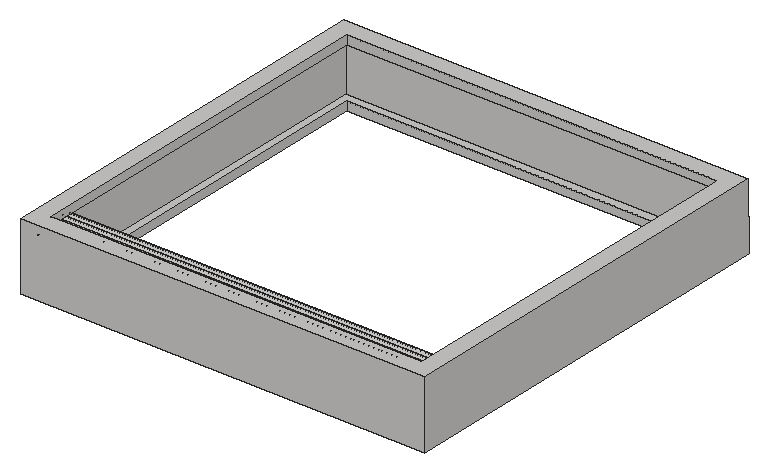
Revit family "Louver_Carnes-Galvanized-Drainable-Stationary-FVBB", category Duct Accessories, host Face, Revit 2012
Parameters (values of type "See Type Catalog")
  ecoScorecard_data = ""
  ecoScorecard Product Page = "http://ecoscorecard.com/"
  Width = 24"
  Warranty URL = "http://www.carnes.com/GeneralCatalogs/termcond.pdf"
  URL = "http://www.carnes.com/index.html"
  Subcategory = "Louvers and Dampers"  # constant formula
  Spec Sheet URL = "http://www.carnes.com/Louvers/pdf/17149.pdf"
  Product Page URL = "http://www.carnes.com/Louvers/FVBB-FWBB.htm"
  Product Line = "Galvanized Steel Stationary Drainable Blade Louver"  # constant formula
  Offset = 1"
  Model = "FVBB"  # constant formula
  Minimum Size = "8\"W x 12\"H"
  Maximum Vertical Size = "72\"W x 96\"H"
  Maximum System Velocity = 1056 FPM  # constant formula
  Maximum System Pressure = 0.70 in-wg  # constant formula
  Maximum Size Note = "Larger Sizes made in multiple sections"  # constant formula
  Maximum Horinzontal Size = "72\"W x 96\"H"
  Manufacturer Phone = "608-845-6411"  # constant formula
  Manufacturer Fax = "608-845-6470"  # constant formula
  Manufacturer Email = "mailto:carnes@carnes.com"
  Manufacturer Address = "448 S. Main St., P. O. Box 930040, Verona, WI 53593-0040"  # constant formula
  Manufacturer = "CARNES COMPANY"  # constant formula
  Installation and Maintenance URL = ""
  Height = 24"
  Free Area = ""
  Frame Material = Metal - Carnes - Steel - Galvanized
  Fire Closure Device = ""
  Duct Connector 2 = "Duct Connection 2"  # constant formula
  Duct Connector 1 = "Duct Connection 1"  # constant formula
  Description = "Galvanized Steel Stationary Drainable Blade Louver"  # constant formula
  Depth = 4"  # constant formula
  Default Elevation = 0"
  Cost Info = "mailto:carnes@carnes.com"
  Catalog URL = "http://www.carnes.com/Louvers/pdf/f40-41.pdf"
  Blades Length = Actual Width - 1"  # 23"
  Blade Material = Metal - Carnes - Steel - Galvanized
  Assembly Code = "B2010300"
  Actual Width = if(Width < 6", 6", if(Width > 72", 72", Width))  # 24"
  Actual Height = if(Height < 6", 6", if(Height > 72", 72", Height))  # 24"
  95 CSI = "10200"  # constant formula
  04 CSI = "08 91 00"  # constant formula
Reference planes (in)
  plane 1 "Center (Front/Back)": y = 0
  plane 2: z = 0
  plane 3 "Center (Left/Right)": x = 0
  plane 4: x = -12
  plane 5: x = 12
  plane 6: y = 12
  plane 7: y = -12
  plane 8: y = -10.9375
  plane 9: x = -11.20993
  plane 10: x = 11.20993
  plane 11: z = -1.5
  plane 12: y = -11.47734
  plane 13: x = 10.20993
  plane 14: z = -3.375
  plane 15: z = -1
  plane 16: y = -9.48917
  plane 17: z = 0.09375
  plane 18: z = 3.5
  plane 19: z = -2.09375
  plane 20: z = -5.5
Forms (in)
  Extrusion 1, void
    sketch origin (0, 0, 0) x (1, 0, 0) y (0, 1, 0)
      loop
        line (12, -12) -> (12, 12) -> (-12, 12) -> (-12, -12) -> (12, -12)
    from 0 to -32.56442
  Sweep 2, solid, material "Metal - Carnes - Steel - Galvanized" <- "Frame Material", detail levels medium+fine
    path origin (0, -21.84066, -1) x (-1, 0, 0) y (0, -1, 0)
      loop
        line (12, -33.84066) -> (12, -9.84066) -> (-12, -9.84066) -> (-12, -33.84066) -> (12, -33.84066)
    profile "Profile : Profile" origin (0, 12, -1) x (0, 1, 0) y (0, 0, 1)
      loop
        line (0, 2) -> (-1, 2) -> (-1, 1.5) -> (-0.5, 1.5) -> (-0.5, -1.5) -> (-1, -1.5) -> (-1, -2) -> (0, -2) -> (0, 2)
  Sweep 3, solid, material "Metal - Carnes - Steel - Galvanized" <- "Frame Material", detail levels coarse
    path origin (0, -21.84066, -1) x (-1, 0, 0) y (0, -1, 0)
      loop
        line (0, -9.84066) -> (0, -33.84066)
    profile origin (0, 0, -1) x (-1, 0, 0) y (0, 0, 1)
      loop
        line (-12, 2) -> (-12, -2) -> (12, -2) -> (12, 2) -> (-12, 2)
Lines and regions (in)
  symbolic lines, style "Damper"
    curve 1: line (12, 12, -1) -> (12, -12, -1)
    curve 2: line (-12, 12, -1) -> (12, 12, -1)
    curve 3: line (-12, -12, -1) -> (-12, 12, -1)
    curve 4: line (12, -12, -1) -> (-12, -12, -1)
  symbolic lines, style "Damper", detail levels medium+fine
    curve 5: line (11, 11, -1) -> (-11, 11, -1)
    curve 6: line (-11, 11, -1) -> (-11, -11, -1)
    curve 7: line (-11, -11, -1) -> (11, -11, -1)
    curve 8: line (11, -11, -1) -> (11, 11, -1)
Dimensions and locks (in)
  equal spacing: plane 7, plane 1 "Center (Front/Back)", plane 6
  equal spacing: plane 4, plane 3 "Center (Left/Right)", plane 5
  "Actual Width": plane 4 to plane 5
  "Actual Height": plane 6 to plane 7
  locked: plane 7 to plane 8 at 1.0625
  locked: plane 4 to plane 9 at 0.79007
  locked: plane 10 to plane 5 at 0.79007
  locked: plane 12 to plane 7 at 0.52266
  locked: plane 13 to plane 10 at 1
  locked: plane 14 to plane 15 at 2.375
  locked: plane 16 to plane 8 at 1.44833
  "Offset": level to plane 15
  locked: plane 17 to plane 18 at 3.40625
  locked: plane 15 to plane 17 at 1.09375
  locked: plane 15 to plane 19 at 1.09375
  locked: plane 19 to plane 20 at 3.40625
  equal spacing: Sweep 3 sketch curve, plane 3 "Center (Left/Right)", Sweep 3 sketch curve
  "Actual Width": Sweep 3 sketch curve to Sweep 3 sketch curve
  aligned and locked: plane 2 to host face
  aligned and locked: level to host face
  aligned and locked: plane 5 to Extrusion 1 sketch curve
  aligned and locked: plane 7 to Extrusion 1 sketch curve
  aligned and locked: Extrusion 1 sketch curve to plane 4
  aligned and locked: Extrusion 1 sketch curve to plane 6
  aligned and locked: Extrusion 1 to level
  aligned: nested 2 to plane 12
  aligned: nested 2 to nested 5
  aligned: nested 5 to nested 4
  aligned: nested 4 to nested 6
  aligned: nested 3 to nested 5
  aligned: nested 1 to nested 5
  aligned: nested 3 to nested 2
  aligned: nested 5 to nested 3  (x2)
  aligned: nested 4 to nested 5
  aligned: nested 6 to nested 4
  aligned: nested 6 to plane 15
  aligned: nested 3 to plane 15
  aligned: nested 5 to plane 15
  aligned: nested 4 to plane 15
  aligned: nested 2 to plane 15
  aligned: nested 1 to plane 15
  aligned: plane 16 to nested 6
  aligned: plane 12 to nested 1
  aligned and locked: plane 6 to Sweep 3 sketch curve
  aligned and locked: plane 7 to Sweep 3 sketch curve
  aligned and locked: plane 3 "Center (Left/Right)" to Sweep 3 sketch curve
  aligned and locked: curve 1 to Sweep 2
  aligned and locked: curve 2 to Sweep 2
  aligned and locked: curve 3 to Sweep 2
  aligned and locked: curve 4 to Sweep 2
  aligned and locked: curve 5 to Sweep 2
  aligned and locked: curve 6 to Sweep 2
  aligned and locked: curve 7 to Sweep 2
  aligned and locked: curve 8 to Sweep 2
  aligned and locked: Sweep 3 sketch curve to Sweep 2  (x2)
  aligned and locked: nested 1 to Sweep 2
  aligned: nested 2 to nested 1
  aligned and locked: nested 1 to plane 15
  aligned and locked: nested 2 to plane 15
  aligned and locked: nested 3 to plane 15
  aligned and locked: nested 5 to plane 15
  aligned and locked: nested 4 to plane 15
  aligned and locked: nested 6 to plane 15
  aligned and locked: nested 2 to nested 1
  aligned and locked: nested 3 to nested 2
  aligned and locked: nested 5 to nested 3
  aligned and locked: nested 4 to nested 5
  aligned and locked: nested 6 to nested 4
Automatic sketch dimensions
  host sketch curve to host sketch curve = 96"  (x2)
  Sweep 2 sketch curve to plane 5 = 0"
  Sweep 2 sketch curve to plane 4 = 0"
  Sweep 2 sketch curve to plane 6 = 0"
  plane 7 to Sweep 2 sketch curve = 0"
  curve 8 to plane 10 = 0.20993"
Nested families (in)
  nested 1: "Blade" at (0.00882, -11.5, -2.53052), type "Blades", detail levels fine
  nested 2: "Blade" at (0.00882, -11.10234, -2.53052), type "Blades", detail levels fine
  nested 3: "Blade" at (0.00882, -10.70467, -2.53052), type "Blades", detail levels fine
  nested 4: "Blade" at (0.00882, -9.90935, -2.53052), type "Blades", detail levels fine
  nested 5: "Blade" at (0.00882, -10.30701, -2.53052), type "Blades", detail levels fine
  nested 6: "Blade" at (0.00882, -9.51169, -2.53052), type "Blades", detail levels fine
Connectors (in)
  hvac at (0, 0, 1), driven by "Actual Height", driven by "Actual Width", driven by "Duct Connector 1"
    settings: on Sweep 2, index 1, duct flow 0 CFM, flow factor 0, pres drop 0.00 in-wg, loss coef 0, conn angle 0.00°, conn width 24", conn height 24", conn radius 12", duct sys type 1, conn prof type 1, flow config 0, flow direction 0, loss method 0, conn ref index 2, conn util no, is conn primary yes, conn desc "Duct Connection 1"
  hvac at (0, 0, -3), driven by "Actual Height", driven by "Actual Width", driven by "Duct Connector 2"
    settings: on Sweep 2, index 2, duct flow 0 CFM, flow factor 0, pres drop 0.00 in-wg, loss coef 0, conn angle 0.00°, conn width 24", conn height 24", conn radius 12", duct sys type 1, conn prof type 1, flow config 0, flow direction 0, loss method 0, conn ref index 1, conn util no, is conn primary no, conn desc "Duct Connection 2"
Definition of nested family "Blade"
  Parameters (values of type "Blades")
    Width = 23"
    Unit = Metal - Carnes - Steel - Galvanized
    Assembly Code = ""
  Reference planes (in)
    plane 1 "Center (Front/Back)": y = 0
    plane 2: z = 0
    plane 3 "Center (Left/Right)": x = 0
    plane 4: x = -11.5
    plane 5: x = 11.5
    plane 6: z = 3
    plane 7: z = 0.12354
    plane 8: y = 0.39766
    plane 9: z = 2.9375
    plane 10: z = 1.53052
  Forms (in)
    Extrusion 1, solid, material "Metal - Carnes - Steel - Galvanized" <- "Unit"
      sketch origin (0, 0, 0.35938) x (0, 1, 0) y (0, 0, 1)
        loop
          arc (0.23008, 2.18293) -> (0.19883, 2.57812) -> (0.16758, 2.18293) r 0.19883
          line (0.16758, 2.18293) -> (0.16758, 0.15936)
          arc (0.16758, 0.15936) -> (0.19883, -0.23583) -> (0.23008, 0.15936) r 0.19883
          line (0.23008, 0.15936) -> (0.23008, 2.18293)
        loop
          circle (0.19883, -0.037) r 0.13633
        loop
          circle (0.19883, 2.37929) r 0.13633
      from -11.5 to 11.5
  Lines and regions (in)
    symbolic lines, style "Damper"
      curve 1: line (-11.00781, 0.39763, 0) -> (10.99219, 0.39763, 0)
      curve 2: line (10.99219, 0, 0) -> (-11.00781, 0, 0)
      curve 3: line (-11.00781, 0, 0) -> (-11.00781, 0.39763, 0)
      curve 4: line (10.99219, 0, 0) -> (10.99219, 0.39763, 0)
  Dimensions and locks (in)
    equal spacing: plane 4, plane 3 "Center (Left/Right)", plane 5
    "Width": plane 4 to plane 5
    plane 6 to level = 3"  (x2)
    locked: plane 6 to plane 9 at 0.0625
    locked: plane 4 to curve 3 at 0.49219
    locked: curve 4 to plane 5 at 0.50781
    aligned and locked: level to plane 2
    aligned and locked: plane 4 to Extrusion 1
    aligned and locked: plane 5 to Extrusion 1
    aligned and locked: curve 2 to plane 1 "Center (Front/Back)"
  Automatic sketch dimensions
    plane 8 to curve 3 = 0.00003"
    Extrusion 1 sketch curve to Extrusion 1 sketch curve = 0"  (x5)
    Extrusion 1 sketch curve to plane 1 "Center (Front/Back)" = 0.16758"
    Extrusion 1 sketch curve to Extrusion 1 sketch curve = 1/32"
    Extrusion 1 sketch curve to plane 1 "Center (Front/Back)" = 0.19883"
    Extrusion 1 sketch curve to plane 7 = 0.19883"
    Extrusion 1 sketch curve to Extrusion 1 sketch curve = 0.19636"  (x2)
    Extrusion 1 sketch curve to plane 9 = 0.39519"
    radius of Extrusion 1 sketch curve = 0.13633"  (x2)
